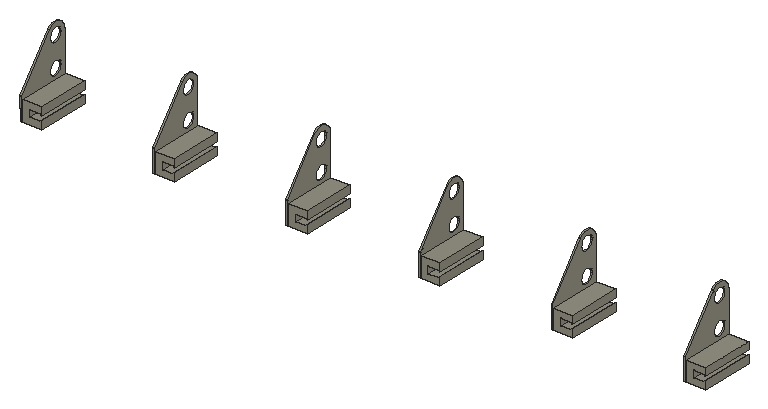
Revit family "Construction_Roof-Accessories_Alpine-SnowGuards_ASG4000G", category Specialty Equipment, host Face, Revit 2019
Family settings
  Host = Face
  Round Connector Dimension = Use Diameter
  Part Type = Normal
  OmniClass Number = 23.35.20.31.27.14
  OmniClass Title = Snow Guards
  Cut with Voids When Loaded = No
  Shared = No
  Room Calculation Point = No
Parameters (values of type "Two Pipe - Aluminium")
  Z_Two [instance] = Z_Length > Z_Horizontal Spacing  # yes
  Z_One [instance] = not(Z_Array)  # no
  Z_Length [instance] = if(Length < Z_Horizontal Spacing, Z_Horizontal Spacing, Length)  # 50"
  Z_Horizontal Spacing [instance] = if(Horizontal Spacing < 2", 2", Horizontal Spacing)  # 10"
  Z_Array [instance] = and(Z_Length > Z_Horizontal Spacing * 2)  # yes
  Z2 = no
  URL = "https://www.alpinesnowguards.com/model/asg4000g?utm_source=bimobject&utm_medium=productlisting&utm_campaign=2022marketing"
  U-BR = not(or(AL, T, T2, U, Z2))  # no
  U = no
  T2 = no
  T = yes
  Snow Guard Count [instance] = if(Length < Horizontal Spacing, 1, if(and(Z_Length > Z_Horizontal Spacing, Z_Length < Z_Horizontal Spacing * 2), 2, Z_Number of Pads Control))  # 6
  Product data url = "https://www.bimobject.com/en-us/alpine-snowguards/product/asg4000g_standing_seam_two_pipe_snow_guard"
  Product Material = Alpine SnowGuards - Aluminium - Mill Finish
  Product Guid = "6e76b207-dd65-49e1-ad3f-ed341797d852"
  Z_Number of Pads Control [instance] = if(Z_Length / Z_Horizontal Spacing + 1 < 3, 3, rounddown(Z_Length / Z_Horizontal Spacing + 1))  # 6
  Pad Material = Alpine SnowGuards - Aluminium - Mill Finish
  Number of Pads [instance] = Length / Horizontal Spacing + 1  # 6
  Length Note [instance] = "To show a single SnowGuard in the Row, please set Length to 0"  # constant formula
  Model = "ASG4000G"
  Manufacturer = "Alpine SnowGuards"  # constant formula
  Length [instance] = 50"
  Keynote = "07720"
  Horizontal Spacing = 10"
  Edition number = 1
  Description = "ASG4000G two-pipe, pipe-style snow guard bracket. Multiple block configurations available for different seam styles."  # constant formula
  Default Elevation = 48"
  BR = no
  Assembly Code = "B3010"
  AL = not(BR)  # yes
Types (3): name | U-BR | T | Product Material | Pad Material | BR | AL
  (no name) | no | yes | Alpine SnowGuards - Aluminium - Mill Finish | Alpine SnowGuards - Aluminium - Mill Finish | no | yes
  Two Pipe - Aluminium | no | yes | Alpine SnowGuards - Aluminium - Mill Finish | Alpine SnowGuards - Aluminium - Mill Finish | no | yes
  Two Pipe - Brass | yes | no | Alpine SnowGuards - Brass - Mill Finish | Alpine SnowGuards - Brass - Mill Finish | yes | no
Reference planes (in)
  plane 1 "Center (Front/Back)": y = 0
  plane 2: z = 0
  plane 3 "Center (Left/Right)": x = 0
  plane 4: x = 50
  plane 5: z = 0.125
  plane 6: x = 10
Dimensions and locks (in)
  "Z_Length": plane 3 "Center (Left/Right)" to plane 4
  locked: plane 5 to plane 2 at 0.125
  "Z_Horizontal Spacing": plane 3 "Center (Left/Right)" to plane 6
  equal spacing: group 1, group 2, group 3, group 4, group 5, group 6  (x3)
  aligned and locked: host face to plane 2
  aligned and locked: level to host face
  aligned and locked: plane 3 "Center (Left/Right)" to nested 1
  aligned and locked: plane 1 "Center (Front/Back)" to nested 1
  aligned and locked: plane 6 to nested 2
  aligned and locked: plane 1 "Center (Front/Back)" to nested 4
  aligned and locked: plane 1 "Center (Front/Back)" to nested 5
  aligned and locked: plane 3 "Center (Left/Right)" to nested 4
  aligned and locked: plane 6 to nested 5
Automatic sketch dimensions
  host sketch curve to host sketch curve = 135.21334"
  host sketch curve to host sketch curve = 96"
Nested families (in)
  nested 1: "Construction_Roof-Accessories_Alpine-SnowGuards_Pad_ASG4000G" at (0, -2, 0), Product Material <- "Pad Material", AL <- "AL", T <- "T", T2 <- "T2", U <- "U", U-BR <- "U-BR", Z2 <- "Z2", visible <- "Z_Array", type "AL"
    with x 0", Z2 no, U-BR no, U no, T2 no, T yes, Product Material Alpine SnowGuards - Aluminium - Mill Finish, BR no, AL yes
  nested 2: "Construction_Roof-Accessories_Alpine-SnowGuards_Pad_ASG4000G" at (10, -2, 0), Product Material <- "Pad Material", AL <- "AL", T <- "T", T2 <- "T2", U <- "U", U-BR <- "U-BR", Z2 <- "Z2", visible <- "Z_Array", type "AL"
    with x 0", Z2 no, U-BR no, U no, T2 no, T yes, Product Material Alpine SnowGuards - Aluminium - Mill Finish, BR no, AL yes
  nested 3: "Construction_Roof-Accessories_Alpine-SnowGuards_Pad_ASG4000G" at (20, -2, 0), Product Material <- "Pad Material", AL <- "AL", T <- "T", T2 <- "T2", U <- "U", U-BR <- "U-BR", Z2 <- "Z2", visible <- "Z_Array", type "AL"
    with x 0", Z2 no, U-BR no, U no, T2 no, T yes, Product Material Alpine SnowGuards - Aluminium - Mill Finish, BR no, AL yes
  nested 4: "Construction_Roof-Accessories_Alpine-SnowGuards_Pad_ASG4000G" at (0, -2, 0), Product Material <- "Pad Material", AL <- "AL", T <- "T", T2 <- "T2", U <- "U", U-BR <- "U-BR", Z2 <- "Z2", visible <- "Z_One", type "AL"
    with x 0", Z2 no, U-BR no, U no, T2 no, T yes, Product Material Alpine SnowGuards - Aluminium - Mill Finish, BR no, AL yes
  nested 5: "Construction_Roof-Accessories_Alpine-SnowGuards_Pad_ASG4000G" at (10, -2, 0), Product Material <- "Pad Material", AL <- "AL", T <- "T", T2 <- "T2", U <- "U", U-BR <- "U-BR", Z2 <- "Z2", visible <- "Z_Two", type "AL"
    with x 0", Z2 no, U-BR no, U no, T2 no, T yes, Product Material Alpine SnowGuards - Aluminium - Mill Finish, BR no, AL yes
  nested 6: "Construction_Roof-Accessories_Alpine-SnowGuards_Pad_ASG4000G" at (30, -2, 0), Product Material <- "Pad Material", AL <- "AL", T <- "T", T2 <- "T2", U <- "U", U-BR <- "U-BR", Z2 <- "Z2", visible <- "Z_Array", type "AL"
    with x 0", Z2 no, U-BR no, U no, T2 no, T yes, Product Material Alpine SnowGuards - Aluminium - Mill Finish, BR no, AL yes
  nested 7: "Construction_Roof-Accessories_Alpine-SnowGuards_Pad_ASG4000G" at (40, -2, 0), Product Material <- "Pad Material", AL <- "AL", T <- "T", T2 <- "T2", U <- "U", U-BR <- "U-BR", Z2 <- "Z2", visible <- "Z_Array", type "AL"
    with x 0", Z2 no, U-BR no, U no, T2 no, T yes, Product Material Alpine SnowGuards - Aluminium - Mill Finish, BR no, AL yes
  nested 8: "Construction_Roof-Accessories_Alpine-SnowGuards_Pad_ASG4000G" at (50, -2, 0), Product Material <- "Pad Material", AL <- "AL", T <- "T", T2 <- "T2", U <- "U", U-BR <- "U-BR", Z2 <- "Z2", visible <- "Z_Array", type "AL"
    with x 0", Z2 no, U-BR no, U no, T2 no, T yes, Product Material Alpine SnowGuards - Aluminium - Mill Finish, BR no, AL yes
Definition of nested family "Construction_Roof-Accessories_Alpine-SnowGuards_Pad_ASG4000G"
  Parameters (values of type "AL")
    x [instance] = if(or(U, T), 0", if(T2, 1" / 16, if(Z2, 9" / 16, 0")))  # 9/16"
    W = 1 5/8"
    U-BR [instance] = no
    AL [instance] = yes
    H = 5 5/16"
    D = 4"
    Product Material [instance] = none
    Z2 [instance] = yes
    U [instance] = no
    T2 [instance] = no
    T [instance] = no
    BR [instance] = not(AL)  # no
  Types (2): name | x | U-BR | AL | Z2 | BR
    AL | 9/16" | no | yes | yes | no
    BR | 0" | yes | no | no | yes
  Reference planes (in)
    plane 1 "Center (Front/Back)": y = 0
    plane 2: z = 0
    plane 3 "Center (Left/Right)": x = 0
    plane 4: y = 4
    plane 5: y = 2
    plane 6: z = 5.3125
    plane 7: z = 3.92594
    plane 8: z = 0.5625
    plane 9: x = 0.5
  Forms (in)
    Extrusion 1, solid, material <- "Product Material", visible <- "U"
      sketch origin (0.875, 1, 0) x (-1, 0, 0) y (0, 0, -1)
        loop
          line (-0.875, -1.64469) -> (0.75, -1.64469) -> (0.75, 0) -> (0.18455, 0) -> (0.18455, -0.06592) -> (0.27, -0.06592) -> (0.27, -0.875) -> (-0.3325, -0.875) -> (-0.3325, -0.06592) -> (-0.24705, -0.06592) -> (-0.24705, 0) -> (-0.875, 0) -> (-0.875, -1.64469)
      from -3 to 1
    Extrusion 2, solid, material <- "Product Material", visible <- "T"
      sketch origin (1.62706, 1, 0.75206) x (0, 0, -1) y (1, 0, 0)
        loop
          line (-0.75, -1.50206) -> (0.75206, -1.50206) -> (0.75206, -0.00206) -> (0.18455, -0.00206) -> (0.18455, -0.06592) -> (0.25206, -0.06592) -> (0.25206, -0.90206) -> (-0.24794, -0.90206) -> (-0.24794, -0.06592) -> (-0.18455, -0.06592) -> (-0.18455, -0.00206) -> (-0.75, -0.00206) -> (-0.75, -1.50206)
      from -3 to 1
    Extrusion 3, solid, material <- "Product Material", visible <- "T2"
      sketch origin (1.22853, 2, 0) x (-1, 0, 0) y (0, 0, -1)
        loop
          line (-1.27181, -1.625) -> (1.10353, -1.625) -> (1.10353, 0) -> (0.67676, 0)
          arc (0.67676, 0) -> (0.62962, -0.0149) -> (0.59961, -0.05418) r 0.08202
          arc (0.59961, -0.05418) -> (0.49904, -0.62288) -> (0.14895, -1.08219) r 1.2242
          line (0.14895, -1.08219) -> (-0.71024, -1.08219)
          arc (-0.71024, -1.08219) -> (-0.99634, -0.79609) -> (-0.71024, -0.51) r 0.28609
          line (-0.71024, -0.51) -> (-0.27539, -0.51) -> (-0.27539, -0.09446)
          arc (-0.27539, -0.09446) -> (-0.30306, -0.02767) -> (-0.36985, 0) r 0.09446
          line (-0.36985, 0) -> (-1.27181, 0) -> (-1.27181, -1.625)
      from -2 to 2
    Extrusion 4, solid, material <- "Product Material", visible <- "Z2"
      sketch origin (1.22853, 2, 0) x (-1, 0, 0) y (0, 0, -1)
        loop
          line (1.10353, -2.0625) -> (1.10353, 0) -> (0.57132, 0)
          arc (0.57132, 0) -> (0.44307, -0.04385) -> (0.36853, -0.15705) r 0.20945
          line (0.36853, -0.15705) -> (0.36853, -0.42829)
          arc (0.36853, -0.42829) -> (0.19465, -0.99665) -> (-0.26748, -1.37042) r 1.0158
          arc (-0.26748, -1.37042) -> (-0.9513, -1.03384) -> (-0.54147, -0.39125) r 0.5115
          line (-0.54147, -0.39125) -> (-0.54147, -0.09446)
          arc (-0.54147, -0.09446) -> (-0.56913, -0.02767) -> (-0.63593, 0) r 0.09446
          line (-0.63593, 0) -> (-1.52147, 0) -> (-1.52147, -2.0625) -> (1.10353, -2.0625)
      from -2 to 2
    Extrusion 5, solid, material <- "Product Material", visible <- "U-BR"
      sketch origin (3.625, 1, 0) x (-1, 0, 0) y (0, 0, -1)
        loop
          line (2.375, -1.0625) -> (3.5, -1.0625) -> (3.5, 0) -> (3.125, 0) -> (3.125, -0.49956)
          arc (3.125, -0.49956) -> (2.9375, -0.68706) -> (2.75, -0.49956) r 0.1875
          line (2.75, -0.49956) -> (2.75, 0) -> (2.375, 0) -> (2.375, -1.0625)
      from -3 to 1
  Dimensions and locks (in)
    "D": plane 1 "Center (Front/Back)" to plane 4
    equal spacing: plane 4, plane 5, plane 1 "Center (Front/Back)"
    locked: Extrusion 4 sketch curve to plane 3 "Center (Left/Right)" at 0.125
    locked: Extrusion 3 sketch curve to Extrusion 3 sketch curve at 1.625
    locked: Extrusion 4 sketch curve to level at 2.0625
    locked: Extrusion 2 sketch curve to level at 1
    locked: Extrusion 1 sketch curve to level at 0.875
    locked: Extrusion 1 sketch curve to Extrusion 1 sketch curve at 0.4316
    "x": plane 8 to level
    locked: Extrusion 5 sketch curve to nested 1 at 1.125
    locked: Extrusion 5 sketch curve to level at 1.0625
    aligned and locked: level to plane 2
    aligned and locked: Extrusion 1 sketch curve to level  (x2)
    aligned and locked: Extrusion 2 sketch curve to level
    aligned and locked: level to Extrusion 3 sketch curve  (x2)
    aligned and locked: level to Extrusion 4 sketch curve  (x2)
    aligned and locked: plane 3 "Center (Left/Right)" to nested 1
    aligned and locked: plane 8 to nested 1
    aligned and locked: nested 1 to plane 3 "Center (Left/Right)"
    aligned and locked: plane 1 "Center (Front/Back)" to nested 1
  Automatic sketch dimensions
    level to Extrusion 1 sketch curve = 0.06592"  (x2)
    Extrusion 1 sketch curve to Extrusion 1 sketch curve = 0.08545"  (x2)
    Extrusion 1 sketch curve to Extrusion 1 sketch curve = 0.48"
    Extrusion 3 sketch curve to Extrusion 3 sketch curve = 0.56156"
    level to Extrusion 3 sketch curve = 0.13136"
    Extrusion 3 sketch curve to Extrusion 3 sketch curve = 0.08808"
    level to Extrusion 3 sketch curve = 0.09446"
    Extrusion 3 sketch curve to Extrusion 3 sketch curve = 0.25231"
    Extrusion 3 sketch curve to Extrusion 3 sketch curve = 0.42434"
    level to Extrusion 3 sketch curve = 21/256"
    plane 3 "Center (Left/Right)" to Extrusion 3 sketch curve = 0.55178"
    Extrusion 3 sketch curve to Extrusion 3 sketch curve = 0.28609"
    Extrusion 4 sketch curve to Extrusion 4 sketch curve = 0.53221"
    Extrusion 4 sketch curve to Extrusion 4 sketch curve = 0.20279"
    Extrusion 4 sketch curve to Extrusion 4 sketch curve = 0.82726"
    level to Extrusion 4 sketch curve = 0.09446"
    Extrusion 4 sketch curve to Extrusion 4 sketch curve = 0.08274"
    Extrusion 4 sketch curve to Extrusion 4 sketch curve = 0.1058"
    Extrusion 4 sketch curve to Extrusion 4 sketch curve = 1.06274"
    Extrusion 4 sketch curve to Extrusion 4 sketch curve = 0.80155"
    Extrusion 4 sketch curve to Extrusion 4 sketch curve = 0.33383"
    Extrusion 4 sketch curve to Extrusion 4 sketch curve = 0.03704"
    level to Extrusion 4 sketch curve = 0.20945"
    plane 3 "Center (Left/Right)" to Extrusion 2 sketch curve = 1/8"
    Extrusion 2 sketch curve to Extrusion 2 sketch curve = 0.50206"
    Extrusion 2 sketch curve to Extrusion 2 sketch curve = 0.06339"
    Extrusion 2 sketch curve to Extrusion 2 sketch curve = 0.3691"
    Extrusion 2 sketch curve to Extrusion 2 sketch curve = 0.0675"
    plane 3 "Center (Left/Right)" to Extrusion 2 sketch curve = 0.725"
    Extrusion 2 sketch curve to Extrusion 2 sketch curve = 0.83614"
    Extrusion 2 sketch curve to Extrusion 2 sketch curve = 0"
    Extrusion 2 sketch curve to Extrusion 2 sketch curve = 0.06386"  (x2)
    plane 3 "Center (Left/Right)" to Extrusion 3 sketch curve = 1/8"
    plane 3 "Center (Left/Right)" to Extrusion 3 sketch curve = 1.07959"
    plane 3 "Center (Left/Right)" to Extrusion 1 sketch curve = 1 3/4"
    Extrusion 1 sketch curve to Extrusion 1 sketch curve = 0.5425"
    Extrusion 1 sketch curve to Extrusion 1 sketch curve = 0.76969"
    Extrusion 3 sketch curve to Extrusion 3 sketch curve = 0.98773"
    Extrusion 5 sketch curve to level = 0"  (x2)
    plane 9 to Extrusion 5 sketch curve = 0"
    Extrusion 5 sketch curve to Extrusion 5 sketch curve = 3/8"
    plane 3 "Center (Left/Right)" to Extrusion 5 sketch curve = 1/8"
    level to Extrusion 5 sketch curve = 0.49956"
  Nested families (in)
    nested 1: "ASG4000g" at (0, 0, 0.5625), Product Material <- "Product Material", AL <- "AL", BR <- "U-BR", type "ASG4000G-Z2"
      with Product Material none, BR no, AL yes
  Definition of nested family "ASG4000g"
    Parameters (values of type "-")
      W = 1 5/8"
      H = 5 5/16"
      D = 4"
      Product Material [instance] = none
      BR [instance] = no
      AL [instance] = yes
    Reference planes (in)
      plane 1 "Center (Front/Back)": y = 0
      plane 2: z = 0
      plane 3 "Center (Left/Right)": x = 0
      plane 4: y = 4
      plane 5: y = 2
      plane 6: z = 5.3125
      plane 7: z = 3.92594
      plane 8: z = 3.9375
      plane 9: z = 3.9375
    Forms (in)
      Extrusion 1, solid, material <- "Product Material", visible <- "AL", detail levels fine
        sketch origin (0.875, -0.125, 0) x (0, 1, 0) y (0, 0, -1)
          loop
            line (0.125, 0) -> (0.125, -1.67299) -> (2.73346, -5.02491)
            arc (2.73346, -5.02491) -> (3.59975, -5.28288) -> (4.125, -4.54726) r 0.77775
            line (4.125, -4.54726) -> (4.125, 0) -> (0.125, 0)
          loop
            circle (3.30115, -4.45719) r 0.53125
          loop
            circle (3.30115, -2.20719) r 0.53125
        from 0.75 to 0.875
      Revolve 2, solid, material <- "Product Material", detail levels fine
        sketch origin (0.875, -0.125, 0.32173) x (1, 0, 0) y (0, 1, 0)
          loop
            arc (-0.875, 3.875) -> (-0.9917, 3.78538) -> (-1.07144, 3.66173) r 0.43085
            line (-1.07144, 3.66173) -> (-1.04363, 3.64567) -> (-1.04363, 3.55115) -> (-0.875, 3.55115) -> (-0.875, 3.875)
          axis (-0.875, 3.55115) -> (-1.07144, 3.55115)
        angle from 0 to 360
      Revolve 3, solid, material <- "Product Material", detail levels fine
        sketch origin (0.875, -1.55115, 0.32173) x (1, 0, 0) y (0, 1, 0)
          loop
            arc (-0.875, 3.875) -> (-0.9917, 3.78538) -> (-1.07144, 3.66173) r 0.43085
            line (-1.07144, 3.66173) -> (-1.04363, 3.64567) -> (-1.04363, 3.55115) -> (-0.875, 3.55115) -> (-0.875, 3.875)
          axis (-0.875, 3.55115) -> (-1.07144, 3.55115)
        angle from 0 to 360
      Revolve 4, solid, material <- "Product Material", detail levels fine
        sketch origin (0.875, -2.9773, 0.32173) x (1, 0, 0) y (0, 1, 0)
          loop
            arc (-0.875, 3.875) -> (-0.9917, 3.78538) -> (-1.07144, 3.66173) r 0.43085
            line (-1.07144, 3.66173) -> (-1.04363, 3.64567) -> (-1.04363, 3.55115) -> (-0.875, 3.55115) -> (-0.875, 3.875)
          axis (-0.875, 3.55115) -> (-1.07144, 3.55115)
        angle from 0 to 360
      Extrusion 5, solid, material <- "Product Material", visible <- "BR", detail levels fine
        sketch origin (0.875, -6.125, 0) x (0, 1, 0) y (0, 0, -1)
          loop
            line (6.125, 0) -> (6.125, -1.0625) -> (8.75565, -3.69315)
            arc (8.75565, -3.69315) -> (9.62982, -3.86703) -> (10.125, -3.12595) r 0.80215
            line (10.125, -3.12595) -> (10.125, 0) -> (6.125, 0)
          loop
            circle (9.30115, -3.06012) r 0.53125
          loop
            circle (9.30115, -1.59375) r 0.53125
        from 0.75 to 0.875
      Extrusion 6, solid, material <- "Product Material", visible <- "BR", detail levels coarse+medium
        sketch origin (0.875, -11.125, 0) x (0, 1, 0) y (0, 0, -1)
          loop
            line (11.125, 0) -> (11.125, -1.0625) -> (13.75565, -3.69315)
            arc (13.75565, -3.69315) -> (14.62982, -3.86703) -> (15.125, -3.12595) r 0.80215
            line (15.125, -3.12595) -> (15.125, 0) -> (11.125, 0)
        from 0.75 to 0.875
      Extrusion 7, solid, material <- "Product Material", visible <- "AL", detail levels coarse+medium
        sketch origin (0.875, -5.625, 0) x (0, 1, 0) y (0, 0, -1)
          loop
            line (5.625, 0) -> (5.625, -1.67299) -> (8.23346, -5.02491)
            arc (8.23346, -5.02491) -> (9.09975, -5.28288) -> (9.625, -4.54726) r 0.77775
            line (9.625, -4.54726) -> (9.625, 0) -> (5.625, 0)
        from 0.75 to 0.875
    Dimensions and locks (in)
      "D": plane 1 "Center (Front/Back)" to plane 4
      equal spacing: plane 4, plane 5, plane 1 "Center (Front/Back)"
      "H": plane 6 to level
      plane 8 to level = 3 15/16"
      locked: Extrusion 5 sketch curve to level at 1.59375
      aligned and locked: level to plane 2
      aligned and locked: Extrusion 1 sketch curve to plane 4
      aligned and locked: plane 1 "Center (Front/Back)" to Extrusion 1 sketch curve
      aligned and locked: level to Extrusion 1 sketch curve
      aligned and locked: level to Extrusion 5 sketch curve
      aligned and locked: Extrusion 5 sketch curve to plane 4
      aligned and locked: Extrusion 6 sketch curve to plane 4
      aligned and locked: plane 1 "Center (Front/Back)" to Extrusion 6 sketch curve
      aligned and locked: Extrusion 7 sketch curve to plane 4
      aligned and locked: plane 1 "Center (Front/Back)" to Extrusion 7 sketch curve
      aligned and locked: level to Extrusion 7 sketch curve
    Automatic sketch dimensions
      Revolve 2 sketch curve to Revolve 2 sketch curve = 0.02781"
      Revolve 2 sketch curve to Revolve 2 sketch curve = 0.16863"
      Revolve 2 sketch curve to Revolve 2 sketch curve = 0.20022"
      Revolve 2 sketch curve to plane 4 = 0.63151"
      Revolve 2 sketch curve to Revolve 2 sketch curve = 0.05766"
      Revolve 2 sketch curve to Revolve 2 sketch curve = 0.09452"
      Revolve 2 sketch curve to Revolve 2 sketch curve = 0.01606"
      Revolve 2 sketch curve to Revolve 2 sketch curve = 0"  (x2)
      Revolve 2 sketch curve to Revolve 2 sketch curve = 1.42478"
      Revolve 3 sketch curve to Revolve 3 sketch curve = 0.02781"
      Revolve 3 sketch curve to Revolve 3 sketch curve = 0.16863"
      Revolve 3 sketch curve to Revolve 3 sketch curve = 0.20022"
      Revolve 3 sketch curve to plane 4 = 2.05766"
      Revolve 3 sketch curve to Revolve 3 sketch curve = 0.05766"
      Revolve 3 sketch curve to Revolve 3 sketch curve = 0.09452"
      Revolve 3 sketch curve to Revolve 3 sketch curve = 0.01606"
      Revolve 3 sketch curve to Revolve 3 sketch curve = 0"  (x2)
      Revolve 3 sketch curve to Revolve 3 sketch curve = 1.42478"
      Revolve 4 sketch curve to Revolve 4 sketch curve = 0.02781"
      Revolve 4 sketch curve to Revolve 4 sketch curve = 0.16863"
      Revolve 4 sketch curve to Revolve 4 sketch curve = 0.20022"
      Revolve 4 sketch curve to plane 4 = 3.48381"
      Revolve 4 sketch curve to Revolve 4 sketch curve = 0.05766"
      Revolve 4 sketch curve to Revolve 4 sketch curve = 0.09452"
      Revolve 4 sketch curve to Revolve 4 sketch curve = 0.01606"
      Revolve 4 sketch curve to Revolve 4 sketch curve = 0"  (x2)
      Revolve 4 sketch curve to Revolve 4 sketch curve = 1.42478"
      Revolve 2 sketch curve to plane 3 "Center (Left/Right)" = 0.19644"
      Revolve 3 sketch curve to plane 3 "Center (Left/Right)" = 0.19644"
      Revolve 4 sketch curve to plane 3 "Center (Left/Right)" = 0.19644"
      Extrusion 1 sketch curve to plane 5 = 0.60846"
      Extrusion 1 sketch curve to Extrusion 1 sketch curve = 0.56769"
      Extrusion 1 sketch curve to plane 4 = 0.82385"
      Extrusion 1 sketch curve to Extrusion 1 sketch curve = 0.0461"
      Extrusion 1 sketch curve to plane 6 = 0.85531"
      Extrusion 1 sketch curve to Extrusion 1 sketch curve = 0.09007"
      level to Extrusion 1 sketch curve = 2.20719"
      level to Extrusion 1 sketch curve = 1.67299"
      Extrusion 5 sketch curve to plane 1 "Center (Front/Back)" = 0"
      plane 7 to Extrusion 5 sketch curve = 0.23279"
      Extrusion 5 sketch curve to plane 5 = 0.63065"
      Extrusion 5 sketch curve to plane 4 = 0.82385"  (x2)
      Extrusion 5 sketch curve to Extrusion 5 sketch curve = 0.0217"
      Extrusion 5 sketch curve to Extrusion 5 sketch curve = 0.06582"
      Extrusion 5 sketch curve to Extrusion 5 sketch curve = 1 1/16"
      Extrusion 6 sketch curve to level = 0"
      level to Extrusion 6 sketch curve = 1 1/16"
      plane 7 to Extrusion 6 sketch curve = 0.23279"
      Extrusion 6 sketch curve to plane 1 "Center (Front/Back)" = 2.63065"
      plane 7 to Extrusion 6 sketch curve = 0.79999"
      level to Extrusion 7 sketch curve = 1.67299"
      Extrusion 7 sketch curve to plane 6 = 0.28759"
      Extrusion 7 sketch curve to plane 7 = 0.62132"
      Extrusion 7 sketch curve to Extrusion 7 sketch curve = 0.61379"
      radius of Extrusion 1 sketch curve = 17/32"  (x2)
      radius of Extrusion 5 sketch curve = 17/32"  (x2)
